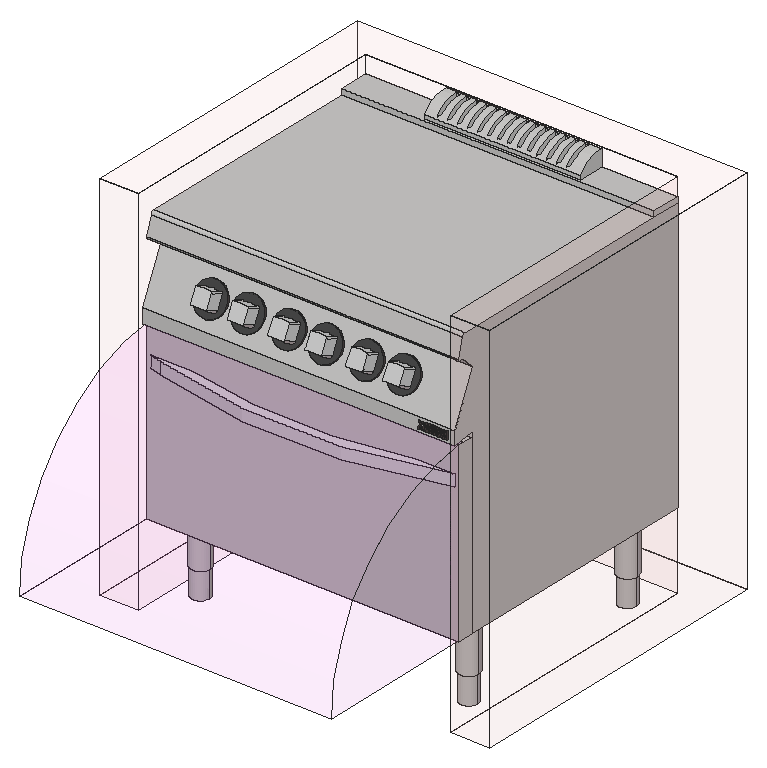
Revit family "QF_ZANUSSI_372125_Z7GCGH4CEN", category Attrezzature speciali, Revit 2020
Family settings
  Quota connettore circolare = Usa diametro
  Tipo di parte = Normale
  Basato su piano di lavoro = No
  Sempre verticale = Sì
  Taglio con vuoti quando caricato = No
  Condiviso = No
  Punto di calcolo locali = No
Parameters (values of type "Standard")
  Weight = 80.00 kg
  Watts = 6000 W
  Volts = 230 V
  URL Manufacturer = "http://www.zanussiprofessional.com"
  URL = "http://www.zanussiprofessional.com"
  Steam Supply Size = 0 mm
  Steam Supply Minimum Pressure = 0.0 Pa
  Steam Supply Maximum Pressure = 0.0 Pa
  Steam Consumption per Hour = 0
  Show Logo [instance] = yes
  Show Clearance [instance] = yes
  Refrigeration Suction Line Size = 0 mm
  Refrigeration Liquid Line Size = 0 mm
  Refrigerant Compressor Remote = yes
  Prospetto di default = 0 mm
  Produttore = "Zanussi"
  Phase = 3
  Modello = "Z7GCGH4CEN"
  Length Actual = 800 mm  # constant formula
  Item Number = "372125"
  Hot Water Size = 0 mm
  Height Actual = 850 mm  # constant formula
  HP = "8 HP"
  Gas Size = 12.7 mm
  Gas KW = 22
  Gas Input Pressure = 0.216464 W
  Direct Waste Size = 0 mm
  Descrizione = "4-BURNER GAS RANGE+ELEC.OVEN 800MM-230V"
  Depth Actual = 700 mm  # constant formula
  Cycle = 50 Hz
  Condensate Return Size = 0 mm
  Compressed Air Volume = 0.0 L/s
  Compressed Air Size = 0 mm
  Compressed Air Pressure = 0.0 Pa
  Cold Water Size = 0 mm
  Accessory = yes
Reference planes
  plane 1 "Back": y = 0
  plane 2: z = 0
  plane 3 "Left": x = 0
  plane 4: y = -716.25
  plane 5: x = 800
  plane 6: y = -340.304
  plane 7: y = -680.608
  plane 8: x = 400
  plane 9: x = 900
  plane 10: x = -100
  plane 11: y = 100
Forms (mm)
  Extrusion 1, solid, material "QF_Finishes_Clearance", visible <- "Show Clearance"
    sketch origin (0, 0, 0) x (1, 0, 0) y (0, 1, 0)
      loop
        line (-100, -727.538) -> (0, -727.538) -> (0, 0) -> (800, 0) -> (800, -727.538) -> (900, -727.538) -> (900, 100) -> (-100, 100) -> (-100, -727.538)
    from 0 to 958.9
  Extrusion 2, solid, material "QF_Finishes_Stainless Steel"
    sketch origin (0, 50, 661.213) x (0, 1, 0) y (0, 0, 1)
      loop
        line (-50, 238.788) -> (-50, 253.075) -> (-126.2, 253.075) -> (-126.2, 238.788) -> (-50, 238.788)
    from 0 to 800
  Extrusion 3, solid, material "QF_Finishes_Stainless Steel"
    sketch origin (0, 50, 661.212) x (0, 1, 0) y (0, 0, 1)
      loop
        line (-50, 238.788) -> (-730.608, 238.788)
        arc (-730.608, 238.788) -> (-735.893, 236.598) -> (-738.083, 231.313) r 7.474
        line (-738.083, 231.313) -> (-751.134, 185.798)
        arc (-751.134, 185.798) -> (-750.646, 183.166) -> (-748.25, 181.971) r 3
        line (-748.25, 181.971) -> (-738.052, 181.971) -> (-706.232, 150.152) -> (-766.25, 29.296) -> (-766.25, -5.704) -> (-709.895, 2.216)
        arc (-709.895, 2.216) -> (-707.351, 1.462) -> (-706.25, -0.953) r 3.2
        line (-706.25, -0.953) -> (-706.25, -462.212) -> (-50, -462.212) -> (-50, 238.788)
      loop
        line (-751.25, -11.212) -> (-751.25, -462.212) -> (-711.25, -462.212) -> (-711.25, -11.212) -> (-751.25, -11.212)
    from 0 to 800
  Extrusion 4, solid, material "QF_Finishes_Door Clearance", visible <- "Show Clearance"
    sketch origin (0, -6.463, 6.362) x (0, 1, 0) y (0, 0, 1)
      loop
        line (-1103.537, 192.638) -> (-683.335, 192.638) -> (-683.335, 645.379)
        arc (-683.335, 645.379) -> (-982.298, 501.484) -> (-1103.537, 192.638) r 454.002
    from 0 to 800
  Extrusion 5, solid, material "QF_Finishes_Stainless Steel"
    sketch origin (1044.282, -370.286, 197) x (1, 0, 0) y (0, 1, 0)
      loop
        line (-302.282, -132.714) -> (-302.282, -152.714) -> (-282.282, -152.714) -> (-282.282, -132.714) -> (-302.282, -132.714)
    from 0 to 2
  Extrusion 6, solid, material "QF_Finishes_Stainless Steel"
    sketch origin (-305.042, -2, 191.278) x (-1, 0, 0) y (0, -1, 0)
      loop
        circle (-1052.042, 464) r 6.35
    from -1.278 to 7.722
Dimensions and locks
  plane 1 "Back" to plane 4 = 716.25 mm  (x2)
  plane 3 "Left" to plane 5 = 800 mm
  equal spacing: plane 3 "Left", plane 8, plane 5
  plane 1 "Back" to plane 11 = 100 mm
  plane 5 to plane 9 = 100 mm
  plane 10 to plane 3 "Left" = 100 mm
  Extrusion 3 to Extrusion 1 = 900 mm
  aligned and locked: level to plane 2
Automatic sketch dimensions
  Extrusion 1 sketch curve to plane 10 = 0 mm
  Extrusion 1 sketch curve to plane 3 "Left" = 0 mm
  plane 1 "Back" to Extrusion 1 sketch curve = 0 mm
  Extrusion 1 sketch curve to plane 5 = 0 mm
  Extrusion 1 sketch curve to plane 9 = 0 mm
  Extrusion 1 sketch curve to plane 11 = 0 mm
  Extrusion 1 sketch curve to plane 4 = 11.288 mm  (x2)
  Extrusion 2 sketch curve to plane 1 "Back" = 0 mm
  plane 1 "Back" to Extrusion 2 sketch curve = 76.2 mm
  Extrusion 2 sketch curve to Extrusion 2 sketch curve = 14.288 mm
  Extrusion 3 sketch curve to plane 4 = 0 mm
  Extrusion 3 sketch curve to plane 7 = 0 mm
  Extrusion 3 sketch curve to plane 1 "Back" = 0 mm
  plane 4 to Extrusion 3 sketch curve = 15 mm
  plane 4 to Extrusion 3 sketch curve = 15.116 mm
  Extrusion 3 sketch curve to Extrusion 3 sketch curve = 2.884 mm
  Extrusion 3 sketch curve to Extrusion 3 sketch curve = 7.474 mm
  Extrusion 3 sketch curve to plane 7 = 7.443 mm
  plane 7 to Extrusion 3 sketch curve = 19.358 mm
  Extrusion 3 sketch curve to Extrusion 3 sketch curve = 1.355 mm
  Extrusion 3 sketch curve to Extrusion 3 sketch curve = 0.445 mm
  Extrusion 3 sketch curve to Extrusion 3 sketch curve = 5 mm
  plane 7 to Extrusion 3 sketch curve = 24.376 mm
  Extrusion 3 sketch curve to Extrusion 3 sketch curve = 0.827 mm
  Extrusion 3 sketch curve to Extrusion 3 sketch curve = 120.856 mm
  Extrusion 3 sketch curve to Extrusion 3 sketch curve = 27.08 mm
  Extrusion 3 sketch curve to Extrusion 3 sketch curve = 35 mm
  Extrusion 3 sketch curve to Extrusion 3 sketch curve = 10.259 mm
  Extrusion 3 sketch curve to Extrusion 3 sketch curve = 0 mm
  Extrusion 4 sketch curve to plane 4 = 393.75 mm
  Extrusion 4 sketch curve to plane 7 = 9.189 mm
  plane 7 to Extrusion 4 sketch curve = 24.61 mm
  plane 5 to Extrusion 5 sketch curve = 58 mm
  Extrusion 5 sketch curve to Extrusion 5 sketch curve = 20 mm  (x2)
  plane 7 to Extrusion 5 sketch curve = 157.608 mm
  plane 5 to Extrusion 6 sketch curve = 53 mm
  Extrusion 6 sketch curve to plane 6 = 125.696 mm
  level to Extrusion 3 sketch curve = 199 mm
  level to Extrusion 4 sketch curve = 199 mm
  level to Extrusion 2 sketch curve = 900 mm
  Extrusion 3 sketch curve to Extrusion 3 sketch curve = 451 mm
  Extrusion 3 sketch curve to Extrusion 3 sketch curve = 31.82 mm
  Extrusion 3 sketch curve to Extrusion 3 sketch curve = 46.342 mm
  radius of Extrusion 6 sketch curve = 6.35 mm
Nested families
  nested 1: "MANIGLIONE_ZANUSSI" at (400, -701.25, 565.684) x (1, 0, 0) z (0, -1, 0), type "MANIGLIONE_ZANUSSI"
  nested 2: "Uscita_Fumi" at (406.4, -34.925, 914.288), type "Uscita_Fumi"
  nested 3: "CONTROLLER_XP-ZAN" at (698, -685.798, 751.827) x (1, 0, 0) z (0, -0.8956, 0.4448), type "CONTROLLER_XP-ZAN"
  nested 4: "CONTROLLER_XP-ZAN" at (603, -685.798, 751.827) x (1, 0, 0) z (0, -0.8956, 0.4448), type "CONTROLLER_XP-ZAN"
  nested 5: "CONTROLLER_XP-ZAN" at (498, -685.798, 751.827) x (1, 0, 0) z (0, -0.8956, 0.4448), type "CONTROLLER_XP-ZAN"
  nested 6: "CONTROLLER_XP-ZAN" at (403, -685.798, 751.827) x (1, 0, 0) z (0, -0.8956, 0.4448), type "CONTROLLER_XP-ZAN"
  nested 7: "CONTROLLER_XP-ZAN" at (298, -685.798, 751.827) x (1, 0, 0) z (0, -0.8956, 0.4448), type "CONTROLLER_XP-ZAN"
  nested 8: "CONTROLLER_XP-ZAN" at (203, -685.798, 751.827) x (1, 0, 0) z (0, -0.8956, 0.4448), type "CONTROLLER_XP-ZAN"
  nested 9: "ZANUSSI_Logo" at (749.92, -716.25, 722.184) x (1, 0, 0) z (0, -1, 0), Show Logo <- "Show Logo", visible <- "Show Logo", type "ZANUSSI_Logo"
    with Show Logo yes
  nested 10: "Piedino 50xH200_par" at (56, -600, 0), type "Piedino 50xH200_par"
    with H 200 mm
  nested 11: "Piedino 50xH200_par" at (56, -90.007, 0), type "Piedino 50xH200_par"
    with H 200 mm
  nested 12: "Piedino 50xH200_par" at (744, -90.007, 0), type "Piedino 50xH200_par"
    with H 200 mm
  nested 13: "Piedino 50xH200_par" at (744, -600.014, 0), type "Piedino 50xH200_par"
    with H 200 mm
Connectors
  electrical at (752, -513, 197), driven by "Volts"
    settings: on Extrusion 5, index 13, voltage 230 V, apparent load 0 VA, apparent load phase1 0 VA, apparent load phase2 0 VA, apparent load phase3 0 VA, power factor 1, load classification "Altro", number of poles 1, system type 30, power factor state 1, is connector primary yes, connector utility no, sub classification motor no, connector description "Electrical Connection"
  piping at (747, -466, 190), diameter 12.7, driven by "Gas Size"
    settings: on Extrusion 6, index 14, connector inside diameter 12.8 mm, connector length 0 mm, flow factor 0, pipe flow 0.0 L/s, pressure drop 0.0 Pa, fitting loss kfactor 0, connector angle 0.00°, fixture units 0, engagement length 0 mm, angle of deflection 0.00°, flow configuration 1, flow direction 1, fitting loss method 0, system type 29, joint type 0, gender type 0, connector reference index -1, connector utility 0, adjustable connector no, is connector primary yes, connector description "Gas Connection"
Definition of nested family "MANIGLIONE_ZANUSSI"
  Parameters (values of type "MANIGLIONE_ZANUSSI")
    Default Elevation = 1219.2 mm
  Reference planes
    plane 1 "Centro (Fronte/Retro)": y = 0
    plane 2: z = 0
    plane 3 "Centro (Sinistra/Destra)": x = 0
  Forms (mm)
    Extrusion 1, solid
      sketch origin (0, 0, 0) x (1, 0, 0) y (0, 1, 0)
        loop
          line (-1219.2, 1219.2) -> (-1219.2, -1219.2) -> (1219.2, -1219.2) -> (1219.2, 1219.2) -> (-1219.2, 1219.2)
      from 0 to -304.8
    Extrusion 2, solid
      sketch origin (-704.429, -415, -700) x (-1, 0, 0) y (0, 0, 1)
        loop
          line (-1094.429, 700) -> (-1000.824, 700)
          arc (-1000.824, 700) -> (-704.429, 736.431) -> (-408.034, 700) r 1223.931
          line (-408.034, 700) -> (-314.429, 700)
          arc (-314.429, 700) -> (-331.418, 705.445) -> (-348.483, 710.648) r 1249.902
          arc (-348.483, 710.648) -> (-722.269, 762.275) -> (-1094.429, 700) r 1249.902
      from 400 to 430
  Dimensions and locks
    aligned and locked: plane 2 to Extrusion 1
    aligned and locked: level to Extrusion 1
Definition of nested family "Uscita_Fumi"
  Parameters (values of type "Uscita_Fumi")
    Default Elevation = 1219.2 mm
  Reference planes
    plane 1 "Centro (Fronte/Retro)": y = 0
    plane 2: z = 0
    plane 3 "Centro (Sinistra/Destra)": x = 0
  Forms (mm)
    Extrusion 1, solid
      sketch origin (0, 0, 0) x (1, 0, 0) y (0, 1, 0)
        loop
          line (-1219.2, 1219.2) -> (-1219.2, -1219.2) -> (1219.2, -1219.2) -> (1219.2, 1219.2) -> (-1219.2, 1219.2)
      from 0 to -304.8
    Extrusion 2, solid
      sketch origin (-200, 34.925, -289.638) x (0, 1, 0) y (0, 0, 1)
        loop
          line (0, 289.638) -> (0, 331.738)
          arc (0, 331.738) -> (-38.857, 324.552) -> (-69.85, 300.038) r 82.056
          line (-69.85, 300.038) -> (-69.85, 289.638) -> (0, 289.638)
      from 0 to 400
    Extrusion 3, void
      sketch origin (-200, 34.925, -15) x (0, -1, 0) y (1, 0, 0)
        loop
          line (6.761, 29.703) -> (63.911, 29.703) -> (63.911, 38.999) -> (6.761, 38.999) -> (6.761, 29.703)
        loop
          line (63.911, 64.487) -> (6.761, 64.487) -> (6.761, 55.191) -> (63.911, 55.191) -> (63.911, 64.487)
        loop
          line (63.911, 89.975) -> (6.761, 89.975) -> (6.761, 80.68) -> (63.911, 80.68) -> (63.911, 89.975)
        loop
          line (63.911, 115.464) -> (6.761, 115.464) -> (6.761, 106.168) -> (63.911, 106.168) -> (63.911, 115.464)
        loop
          line (63.911, 140.952) -> (6.761, 140.952) -> (6.761, 131.656) -> (63.911, 131.656) -> (63.911, 140.952)
        loop
          line (63.911, 166.44) -> (6.761, 166.44) -> (6.761, 157.145) -> (63.911, 157.145) -> (63.911, 166.44)
        loop
          line (63.911, 191.929) -> (6.761, 191.929) -> (6.761, 182.633) -> (63.911, 182.633) -> (63.911, 191.929)
        loop
          line (63.911, 217.417) -> (6.761, 217.417) -> (6.761, 208.121) -> (63.911, 208.121) -> (63.911, 217.417)
        loop
          line (63.911, 242.905) -> (6.761, 242.905) -> (6.761, 233.61) -> (63.911, 233.61) -> (63.911, 242.905)
        loop
          line (63.911, 268.394) -> (6.761, 268.394) -> (6.761, 259.098) -> (63.911, 259.098) -> (63.911, 268.394)
        loop
          line (63.911, 293.882) -> (6.761, 293.882) -> (6.761, 284.586) -> (63.911, 284.586) -> (63.911, 293.882)
        loop
          line (63.911, 319.37) -> (6.761, 319.37) -> (6.761, 310.075) -> (63.911, 310.075) -> (63.911, 319.37)
        loop
          line (63.911, 344.859) -> (6.761, 344.859) -> (6.761, 335.563) -> (63.911, 335.563) -> (63.911, 344.859)
        loop
          line (63.911, 370.347) -> (6.761, 370.347) -> (6.761, 361.051) -> (63.911, 361.051) -> (63.911, 370.347)
      from 25.4 to 63.5
  Cuts and joins
    Extrusion 3 cuts Extrusion 2
  Dimensions and locks
    aligned and locked: plane 2 to Extrusion 1
    aligned and locked: level to Extrusion 1
Definition of nested family "CONTROLLER_XP-ZAN"
  Parameters (values of type "CONTROLLER_XP-ZAN")
    Default Elevation = 0 mm
  Reference planes
    plane 1 "Centro (Fronte/Retro)": y = 0
    plane 2: z = 0
    plane 3 "Centro (Sinistra/Destra)": x = 0
    plane 4: x = -51.067
    plane 5: x = 51.067
    plane 6: x = 93.481
    plane 7: x = -93.481
  Forms (mm)
    Extrusion 1, solid
      sketch origin (0, 0, 0) x (1, 0, 0) y (0, 1, 0)
        loop
          line (-1219.2, 1219.2) -> (-1219.2, -1219.2) -> (1219.2, -1219.2) -> (1219.2, 1219.2) -> (-1219.2, 1219.2)
      from 0 to -304.8
    Extrusion 2, solid
      sketch origin (-46.381, -48.923, 0) x (1, 0, 0) y (0, 1, 0)
        loop
          circle (-4.687, 48.923) r 42.414
      from 0 to 3.175
    Blend 3, solid
      base sketch origin (-46.381, -48.923, 3.175) x (1, 0, 0) y (0, 1, 0)
        loop
          line (-23.687, 25.923) -> (14.313, 25.923)
          arc (14.313, 25.923) -> (17.142, 27.095) -> (18.313, 29.923) r 4
          line (18.313, 29.923) -> (18.313, 66.519)
          arc (18.313, 66.519) -> (17.342, 69.132) -> (14.901, 70.476) r 4
          arc (14.901, 70.476) -> (-4.687, 71.923) -> (-24.275, 70.476) r 133.25
          arc (-24.275, 70.476) -> (-26.716, 69.132) -> (-27.687, 66.519) r 4
          line (-27.687, 66.519) -> (-27.687, 29.923)
          arc (-27.687, 29.923) -> (-26.515, 27.095) -> (-23.687, 25.923) r 4
      top sketch origin (-46.381, -48.923, 3.175) x (1, 0, 0) y (0, 1, 0)
        loop
          line (-25.687, 66.519) -> (-25.687, 29.923)
          arc (-25.687, 29.923) -> (-25.101, 28.509) -> (-23.687, 27.923) r 2
          line (-23.687, 27.923) -> (14.313, 27.923)
          arc (14.313, 27.923) -> (15.727, 28.509) -> (16.313, 29.923) r 2
          line (16.313, 29.923) -> (16.313, 66.519)
          arc (16.313, 66.519) -> (15.828, 67.825) -> (14.607, 68.498) r 2
          arc (14.607, 68.498) -> (-4.687, 69.923) -> (-23.981, 68.498) r 131.25
          arc (-23.981, 68.498) -> (-25.201, 67.825) -> (-25.687, 66.519) r 2
      from 0 to 33
  Lines and regions (mm)
    Split face 1
      outline origin (-46.381, -48.923, 36.175) x (1, 0, 0) y (0, 1, 0)
        loop
          line (-6.687, 69.908) -> (-6.687, 62.923) -> (-2.687, 62.923) -> (-2.687, 69.908)
  Dimensions and locks
    aligned and locked: plane 2 to Extrusion 1
    aligned and locked: level to Extrusion 1
Definition of nested family "ZANUSSI_Logo"
  Parameters (values of type "ZANUSSI_Logo")
    Show Logo [instance] = yes
    Default Elevation = 1219.2 mm
  Reference planes
    plane 1 "Center (Front/Back)": y = -49
    plane 2: z = 0
    plane 3 "Center (Left/Right)": x = -9.92
  Forms (mm)
    Extrusion 1, solid
      sketch origin (0, 0, 0) x (1, 0, 0) y (0, 1, 0)
        loop
          line (-1219.2, 1219.2) -> (-1219.2, -1219.2) -> (1219.2, -1219.2) -> (1219.2, 1219.2) -> (-1219.2, 1219.2)
      from 0 to -304.8
    Extrusion 2, solid, visible <- "Show Logo"
      sketch origin (106.353, -215.165, -50) x (1, 0, 0) y (0, 1, 0)
        loop
          line (-137.419, 156.48) -> (-137.419, 160.444) -> (-143.365, 160.444) -> (-137.419, 172.566) -> (-137.419, 175.851) -> (-147.274, 175.851) -> (-147.274, 172.226) -> (-142.063, 172.339) -> (-147.728, 160.444) -> (-147.728, 156.48) -> (-137.419, 156.48)
        loop
          line (-131.729, 163.73) -> (-129.463, 163.73) -> (-130.596, 172.54) -> (-131.729, 163.73)
        loop
          line (-132.748, 156.48) -> (-132.182, 160.218) -> (-128.897, 160.218) -> (-128.33, 156.48) -> (-124.252, 156.48) -> (-127.877, 175.851) -> (-133.315, 175.851) -> (-136.826, 156.48) -> (-132.748, 156.48)
        loop
          line (-123.75, 175.851) -> (-123.75, 156.48) -> (-120.238, 156.48) -> (-120.238, 169.281) -> (-116.953, 156.48) -> (-112.648, 156.48) -> (-112.648, 175.851) -> (-116.273, 175.851) -> (-116.273, 163.503) -> (-119.558, 175.851) -> (-123.75, 175.851)
        loop
          arc (-111.742, 161.27) -> (-106.896, 156.448) -> (-101.433, 160.558) r 5.22
          line (-101.433, 160.558) -> (-101.433, 175.851) -> (-105.398, 175.851) -> (-105.398, 161.464)
          arc (-105.398, 161.464) -> (-106.44, 160.263) -> (-107.777, 161.124) r 1.214
          line (-107.777, 161.124) -> (-107.777, 175.851) -> (-111.742, 175.851) -> (-111.742, 161.27)
        loop
          line (-94.069, 169.734) -> (-90.331, 169.734) -> (-90.269, 171.495)
          arc (-90.269, 171.495) -> (-90.53, 173.458) -> (-91.761, 175.009) r 3.719
          arc (-91.761, 175.009) -> (-95.38, 176.189) -> (-98.998, 175.009) r 6.139
          arc (-98.998, 175.009) -> (-100.474, 172.145) -> (-100.291, 168.927) r 6.125
          arc (-100.291, 168.927) -> (-99.079, 167.149) -> (-97.591, 165.594) r 13.068
          line (-97.591, 165.594) -> (-95.921, 164.113)
          arc (-95.921, 164.113) -> (-94.934, 163.275) -> (-94.167, 162.233) r 5.571
          arc (-94.167, 162.233) -> (-94.357, 160.41) -> (-96.143, 160.003) r 1.573
          arc (-96.143, 160.003) -> (-96.681, 160.547) -> (-96.911, 161.277) r 1.631
          arc (-96.911, 161.277) -> (-96.929, 161.791) -> (-96.911, 162.305) r 7.441
          arc (-96.911, 162.305) -> (-96.895, 162.791) -> (-96.911, 163.277) r 7.03
          line (-96.911, 163.277) -> (-100.866, 163.277)
          arc (-100.866, 163.277) -> (-100.828, 160.504) -> (-99.735, 157.955) r 7.131
          arc (-99.735, 157.955) -> (-94.571, 156.484) -> (-90.221, 159.633) r 6.148
          arc (-90.221, 159.633) -> (-90.141, 162.884) -> (-91.536, 165.823) r 7.021
          line (-91.536, 165.823) -> (-95.882, 169.734)
          arc (-95.882, 169.734) -> (-96.47, 170.472) -> (-96.785, 171.362) r 2.858
          arc (-96.785, 171.362) -> (-95.666, 172.959) -> (-94.069, 171.84) r 1.379
          line (-94.069, 171.84) -> (-94.069, 169.734)
        loop
          line (-82.771, 169.734) -> (-79.033, 169.734) -> (-78.971, 171.495)
          arc (-78.971, 171.495) -> (-79.232, 173.458) -> (-80.463, 175.009) r 3.719
          arc (-80.463, 175.009) -> (-84.081, 176.189) -> (-87.7, 175.009) r 6.139
          arc (-87.7, 175.009) -> (-89.175, 172.145) -> (-88.993, 168.927) r 6.125
          arc (-88.993, 168.927) -> (-87.781, 167.149) -> (-86.293, 165.594) r 13.068
          line (-86.293, 165.594) -> (-84.623, 164.113)
          arc (-84.623, 164.113) -> (-83.636, 163.275) -> (-82.869, 162.233) r 5.571
          arc (-82.869, 162.233) -> (-83.059, 160.41) -> (-84.845, 160.003) r 1.573
          arc (-84.845, 160.003) -> (-85.383, 160.547) -> (-85.613, 161.277) r 1.631
          arc (-85.613, 161.277) -> (-85.631, 161.791) -> (-85.613, 162.305) r 7.441
          arc (-85.613, 162.305) -> (-85.596, 162.791) -> (-85.613, 163.277) r 7.03
          line (-85.613, 163.277) -> (-89.568, 163.277)
          arc (-89.568, 163.277) -> (-89.53, 160.504) -> (-88.437, 157.955) r 7.131
          arc (-88.437, 157.955) -> (-83.272, 156.484) -> (-78.922, 159.633) r 6.148
          arc (-78.922, 159.633) -> (-78.843, 162.884) -> (-80.238, 165.823) r 7.021
          line (-80.238, 165.823) -> (-84.584, 169.734)
          arc (-84.584, 169.734) -> (-85.171, 170.472) -> (-85.486, 171.362) r 2.858
          arc (-85.486, 171.362) -> (-84.368, 172.959) -> (-82.771, 171.84) r 1.379
          line (-82.771, 171.84) -> (-82.771, 169.734)
        loop
          line (-78.21, 175.851) -> (-78.21, 156.48) -> (-74.245, 156.48) -> (-74.245, 175.851) -> (-78.21, 175.851)
      from 50 to 51.6
  Dimensions and locks
    aligned and locked: plane 2 to Extrusion 1
    aligned and locked: level to Extrusion 1
Definition of nested family "Piedino 50xH200_par"
  Parameters (values of type "Piedino 50xH200_par")
    Default Elevation = 0 mm
    H [instance] = 200 mm
  Reference planes
    plane 1 "Centro (Fronte/Retro)": y = 0
    plane 2: z = 0
    plane 3 "Centro (Sinistra/Destra)": x = 0
  Forms (mm)
    Revolve 1, solid
      sketch origin (55, 0, 0) x (-1, 0, 0) y (0, 0, -1)
        loop
          line (55, 0) -> (32.1, 0) -> (32.1, -69.05) -> (29.6, -69.05) -> (29.6, -200) -> (55, -200) -> (55, 0)
        axis (55, 0) -> (55, -200)
      angle from 0 to 360
  Dimensions and locks
    "H": Revolve 1 to plane 2
    aligned and locked: level to plane 2
  Automatic sketch dimensions
    Revolve 1 sketch curve to level = 0 mm
    Revolve 1 sketch curve to plane 3 "Centro (Sinistra/Destra)" = 0 mm  (x2)
    plane 3 "Centro (Sinistra/Destra)" to Revolve 1 sketch curve = 22.9 mm
    Revolve 1 sketch curve to Revolve 1 sketch curve = 2.5 mm
    level to Revolve 1 sketch curve = 69.05 mm
    Revolve 1 sketch curve to Revolve 1 sketch curve = 130.95 mm
    Revolve 1 sketch curve to Revolve 1 sketch curve = 0 mm
    Revolve 1 sketch curve to Revolve 1 sketch curve = 20 mm
